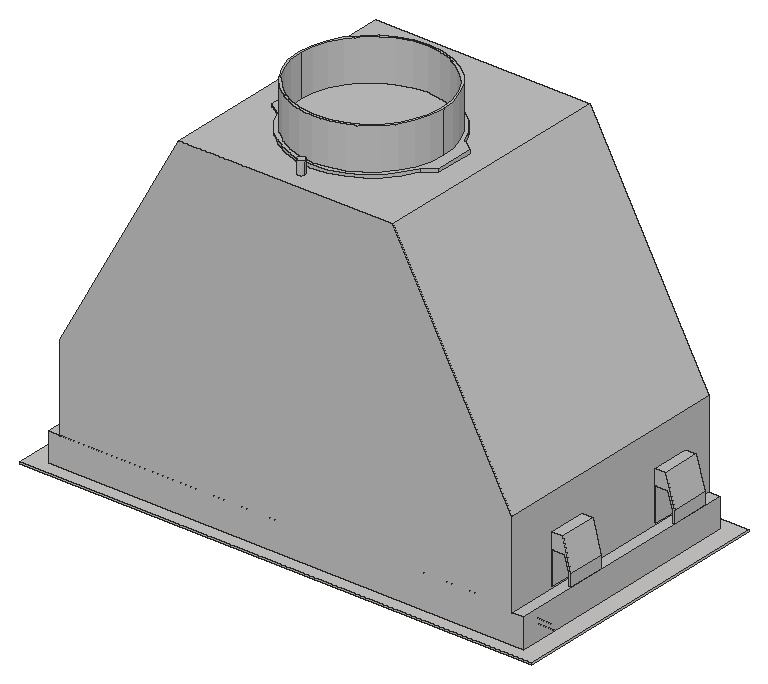
Revit family "FP_Revit_18_HP60IHCB3_Rangehood_90000959A", category Specialty Equipment, Revit 2018
Family settings
  Round Connector Dimension = Use Diameter
  Part Type = Normal
  OmniClass Number = 23.40.40.00
  OmniClass Title = Food Service Equipment and Furnishings
  Work Plane-Based = No
  Always vertical = Yes
  Cut with Voids When Loaded = Yes
  Shared = No
  Room Calculation Point = No
Parameters
  Visibility - Clearance Required = yes
  URL = "www.fisherpaykel.com"
  Product - Width = 530 mm  # constant formula
  Product - Height = 395 mm  # constant formula
  Product - Depth = 280 mm  # constant formula
  Model = "HP60IHCB3"
  Material - Trim = Fisher & Paykel - Stainless Steel
  Material - Glass = Fisher & Paykel - Glass, Black
  Material - Diffuser = Fisher & Paykel - White Bezel
  Material - Body = Fisher & Paykel - Grey
  Manufacturer = "Fisher & Paykel Appliances"
  Keynote = ""
  FFL Offset [instance] = 1550 mm
  Description = "60cm Built-in Integrated Rangehood"
  Connector Description - Extraction = "Use rigid or semi-rigid ducting 150mm diameter, 687m³/hr"
  Connector Description - Electrical = "220-240 V, 50Hz, 15 A fused electrical supply"
  Chassis - Width = 492 mm  # constant formula
  Chassis - Height = 350 mm  # constant formula
  Chassis - Depth = 255 mm  # constant formula
  Cavity - Width = 500 mm  # constant formula
  Cavity - Height = 400 mm  # constant formula
  Cavity - Depth = 260 mm  # constant formula
Reference planes
  plane 1 "Center (Front/Back)": y = 0
  plane 2: z = 0
  plane 3 "Center (Left/Right)": x = 0
  plane 4 "Product - LHS": x = -265
  plane 5 "Product - RHS": x = 265
  plane 6 "Product - Rear": y = 140
  plane 7 "Cavity - Rear": y = 130
  plane 8 "Chassis - LHS": x = -246
  plane 9 "Chassis - RHS": x = 246
  plane 10 "Product - Front": y = -140
  plane 11 "Cavity - Front": y = -130
  plane 12 "Chassis - Rear": y = 127.5
  plane 13 "Chassis - Front": y = -127.5
  plane 14 "Cavity - RHS": x = 250
  plane 15 "Cavity - LHS": x = -250
  plane 16 "FFL Offset": z = 1550
  plane 17 "Frame": z = 1548
Forms (mm)
  Extrusion 1, solid, material "Fisher & Paykel - Grey" <- "Material - Body"
    sketch origin (0, -130, 0) x (-1, 0, 0) y (0, 0, 1)
      loop
        line (-234, 1580) -> (-246, 1580) -> (-246, 1550) -> (246, 1550) -> (246, 1580) -> (234, 1580) -> (234, 1669) -> (110.5, 1897) -> (-110.5, 1897) -> (-234, 1669) -> (-234, 1580)
    from 2.5 to 257.5
  Extrusion 2, void
    sketch origin (0, 0, 0) x (0, 1, 0) y (0, 0, 1)
      loop
        line (-125, 1548) -> (-87.449, 1548) -> (-87.449, 1550) -> (-85.042, 1553.195) -> (-110.289, 1572.22) -> (-112.696, 1569.025) -> (-125, 1564.054) -> (-125, 1548)
      loop
        line (-67, 1548) -> (125, 1548) -> (125, 1568) -> (117, 1568) -> (117, 1578) -> (-67, 1578) -> (-67, 1548)
    from -245 to 245
  Extrusion 3, solid, material "Fisher & Paykel - Stainless Steel" <- "Material - Trim"
    sketch origin (0, 0, 0) x (1, 0, 0) y (0, 1, 0)
      loop
        line (-265, -140) -> (265, -140) -> (265, 140) -> (-265, 140) -> (-265, -140)
      loop
        line (-245, -125.5) -> (245, -125.5) -> (245, -87) -> (-245, -87) -> (-245, -125.5)
      loop
        line (-245, -67) -> (245, -67) -> (245, 125) -> (-245, 125) -> (-245, -67)
    from 1548 to 1550
  Extrusion 4, solid, material "Fisher & Paykel - Glass, Black" <- "Material - Glass", detail levels fine
    sketch origin (0, 0, 0) x (1, 0, 0) y (0, 1, 0)
      loop
        line (-227, -50.05) -> (227, -50.05) -> (227, 106.95) -> (-227, 106.95) -> (-227, -50.05)
      loop
        line (-43.42, -40.05) -> (43.42, -40.05) -> (43.42, 97.45) -> (-43.42, 97.45) -> (-43.42, -40.05)
    from 1548 to 1551
  Extrusion 5, solid, material "Fisher & Paykel - Grey" <- "Material - Body", detail levels medium+fine
    sketch origin (0, 0, 550) x (1, 0, 0) y (0, 0, 1)
      loop
        line (248.5, 1067) -> (253, 1051) -> (253, 1039) -> (255, 1039) -> (255, 1051) -> (246, 1083) -> (234, 1083) -> (234, 1033) -> (236, 1033) -> (236, 1067) -> (248.5, 1067)
      loop
        line (-248.5, 1067) -> (-236, 1067) -> (-236, 1033) -> (-234, 1033) -> (-234, 1083) -> (-246, 1083) -> (-255, 1051) -> (-255, 1039) -> (-253, 1039) -> (-253, 1051) -> (-248.5, 1067)
    from 38 to 77
  Extrusion 6, solid, material "Fisher & Paykel - Grey"
    sketch origin (0, 0, 0) x (1, 0, 0) y (0, 1, 0)
      loop
        circle (0, -17) r 75
      loop
        circle (0, -17) r 73
    from 1900 to 1943
  Extrusion 7, solid, material "Fisher & Paykel - Grey" <- "Material - Body", detail levels fine
    sketch origin (0, 0, -1) x (1, 0, 0) y (0, 1, 0)
      loop
        line (-86.5, 3) -> (-86.5, -37) -> (-73.484, -46)
        arc (-73.484, -46) -> (0, -96) -> (73.484, -46) r 79
        line (73.484, -46) -> (86.5, -37) -> (86.5, 3) -> (73.484, 12)
        arc (73.484, 12) -> (0, 62) -> (-73.484, 12) r 79
        line (-73.484, 12) -> (-86.5, 3)
    from 1898 to 1901
  Extrusion 8, solid, material "Fisher & Paykel - Grey" <- "Material - Body", detail levels fine
    sketch origin (0, 0, 0) x (1, 0, 0) y (0, 1, 0)
      loop
        circle (0, -107.5) r 4
    from 1897 to 1910
  Extrusion 9, solid, material "Fisher & Paykel - Glass, Black" <- "Material - Glass", detail levels fine
    sketch origin (0, 0, 1550) x (0, 1, 0) y (0, 0, 1)
      loop
        line (-87.449, 0) -> (-85.042, 3.195) -> (-110.289, 22.22) -> (-112.696, 19.025) -> (-87.449, 0)
    from -245 to 245
  Extrusion 10, solid, material "Fisher & Paykel - White Bezel" <- "Material - Diffuser", detail levels fine
    sketch origin (0, 0, 0) x (1, 0, 0) y (0, 1, 0)
      loop
        line (-43.42, 97.45) -> (-43.42, -40.05) -> (43.42, -40.05) -> (43.42, 97.45) -> (-43.42, 97.45)
    from 1548 to 1551
  Extrusion 11, solid, material "Fisher & Paykel - Clearance Required", visible <- "Visibility - Clearance Required", detail levels coarse
    sketch origin (0, 0, 0) x (1, 0, 0) y (0, 1, 0)
      loop
        line (-250, 130) -> (-250, -130) -> (250, -130) -> (250, 130) -> (-250, 130)
    from 1550 to 1950
  Extrusion 12, solid, material "Fisher & Paykel - Clearance Required", visible <- "Visibility - Clearance Required", detail levels coarse
    sketch origin (0, 0, 0) x (1, 0, 0) y (0, 1, 0)
      loop
        circle (0, -17) r 80
    from 1950 to 2000
  Extrusion 13, solid, material "Fisher & Paykel - Grey" <- "Material - Body", detail levels medium+fine
    sketch origin (0, 0, 550) x (1, 0, 0) y (0, 0, -1)
      loop
        line (248.5, -1067) -> (236, -1067) -> (236, -1033) -> (234, -1033) -> (234, -1083) -> (246, -1083) -> (255, -1051) -> (255, -1039) -> (253, -1039) -> (253, -1051) -> (248.5, -1067)
      loop
        line (-248.5, -1067) -> (-253, -1051) -> (-253, -1039) -> (-255, -1039) -> (-255, -1051) -> (-246, -1083) -> (-234, -1083) -> (-234, -1033) -> (-236, -1033) -> (-236, -1067) -> (-248.5, -1067)
    from 57 to 96
  Extrusion 14, solid, material "Fisher & Paykel - Grey" <- "Material - Body", not visible, detail levels medium+fine
    sketch origin (0, 0, 0) x (1, 0, 0) y (0, 0, 1)
      loop
        line (248.5, 1067) -> (253, 1051) -> (253, 1039) -> (255, 1039) -> (255, 1051) -> (246, 1083) -> (234, 1083) -> (234, 1033) -> (236, 1033) -> (236, 1067) -> (248.5, 1067)
      loop
        line (-248.5, 1067) -> (-236, 1067) -> (-236, 1033) -> (-234, 1033) -> (-234, 1083) -> (-246, 1083) -> (-255, 1051) -> (-255, 1039) -> (-253, 1039) -> (-253, 1051) -> (-248.5, 1067)
    from 38 to 77
  Extrusion 15, solid, material "Fisher & Paykel - Glass, Black" <- "Material - Glass", not visible, detail levels fine
    sketch origin (0, 0, 1000) x (0, 1, 0) y (0, 0, 1)
      loop
        line (-87.449, 0) -> (-85.042, 3.195) -> (-110.289, 22.22) -> (-112.696, 19.025) -> (-87.449, 0)
    from -245 to 245
  Extrusion 16, solid, material "Fisher & Paykel - Grey" <- "Material - Body", not visible, detail levels medium+fine
    sketch origin (0, 0, 0) x (1, 0, 0) y (0, 0, -1)
      loop
        line (248.5, -1067) -> (236, -1067) -> (236, -1033) -> (234, -1033) -> (234, -1083) -> (246, -1083) -> (255, -1051) -> (255, -1039) -> (253, -1039) -> (253, -1051) -> (248.5, -1067)
      loop
        line (-248.5, -1067) -> (-253, -1051) -> (-253, -1039) -> (-255, -1039) -> (-255, -1051) -> (-246, -1083) -> (-234, -1083) -> (-234, -1033) -> (-236, -1033) -> (-236, -1067) -> (-248.5, -1067)
    from 57 to 96
  Extrusion 17, void
    sketch origin (0, 0, 0) x (1, 0, 0) y (0, 1, 0)
      loop
        line (-250, 130) -> (-250, -130) -> (250, -130) -> (250, 130) -> (-250, 130)
    from 1550 to 1950
  Extrusion 18, void
    sketch origin (0, 0, 0) x (1, 0, 0) y (0, 1, 0)
      loop
        circle (0, -17) r 80
    from 1950 to 2000
Cuts and joins
  Extrusion 2 cuts Extrusion 1
Text (mm)
  text "Due to ongoing product development, product details are subject to change without notice. \nPlease always refer to www.fisherpaykel.com for the most current product information. \n© Fisher & Paykel 2020" at (41.04, -1044.323, 0), in view "Ref. Level (Plan)"
Dimensions and locks
  equal spacing: plane 4 "Product - LHS", plane 3 "Center (Left/Right)", plane 5 "Product - RHS"
  equal spacing: plane 8 "Chassis - LHS", plane 3 "Center (Left/Right)", plane 9 "Chassis - RHS"
  "Chassis - Width": plane 8 "Chassis - LHS" to plane 9 "Chassis - RHS"
  equal spacing: plane 11 "Cavity - Front", plane 1 "Center (Front/Back)", plane 7 "Cavity - Rear"
  equal spacing: plane 12 "Chassis - Rear", plane 1 "Center (Front/Back)", plane 13 "Chassis - Front"
  equal spacing: plane 6 "Product - Rear", plane 1 "Center (Front/Back)", plane 10 "Product - Front"
  "Cavity - Depth": plane 11 "Cavity - Front" to plane 7 "Cavity - Rear"
  "Product - Depth": plane 6 "Product - Rear" to plane 10 "Product - Front"
  "Product - Width": plane 4 "Product - LHS" to plane 5 "Product - RHS"
  "Chassis - Depth": plane 12 "Chassis - Rear" to plane 13 "Chassis - Front"
  equal spacing: plane 15 "Cavity - LHS", plane 3 "Center (Left/Right)", plane 14 "Cavity - RHS"
  plane 15 "Cavity - LHS" to plane 14 "Cavity - RHS" = 500 mm
  "Cavity - Width": plane 15 "Cavity - LHS" to plane 14 "Cavity - RHS"
  "FFL Offset": plane 16 "FFL Offset" to level
  locked: cut or joined group of Extrusion 1, Extrusion 2 to plane 16 "FFL Offset" at 347
  "Chassis - Height": Extrusion 7 to plane 16 "FFL Offset"
  locked: Extrusion 8 to plane 16 "FFL Offset" at 360
  locked: Extrusion 6 to plane 16 "FFL Offset" at 393
  locked: plane 16 "FFL Offset" to plane 17 "Frame" at 2
  locked: Extrusion 2 sketch curve to plane 16 "FFL Offset" at 22.22
  locked: cut or joined group of Extrusion 1, Extrusion 2 to plane 16 "FFL Offset" at 28
  locked: Extrusion 4 to plane 17 "Frame" at 3
  locked: Extrusion 5 to plane 16 "FFL Offset" at 83
  "Cavity - Height": Extrusion 11 to plane 16 "FFL Offset"
  locked: Extrusion 12 to Extrusion 11 at 50
  "Product - Height": Extrusion 6 to plane 17 "Frame"
  locked: Extrusion 1 sketch curve to plane 16 "FFL Offset" at 119
  locked: cut or joined group of Extrusion 1, Extrusion 2 to plane 16 "FFL Offset" at 30  (x2)
  Extrusion 1 sketch curve to plane 16 "FFL Offset" = 119 mm
  locked: Extrusion 2 sketch curve to plane 16 "FFL Offset" at 14.054
  locked: Extrusion 2 sketch curve to plane 16 "FFL Offset" at 3.195
  locked: Extrusion 18 to Extrusion 17 at 50
  aligned and locked: level to plane 2
  aligned and locked: plane 12 "Chassis - Rear" to Extrusion 1
  aligned and locked: Extrusion 1 to plane 13 "Chassis - Front"
  aligned and locked: plane 7 "Cavity - Rear" to Extrusion 11 sketch curve
  aligned and locked: Extrusion 11 sketch curve to plane 15 "Cavity - LHS"
  aligned and locked: plane 11 "Cavity - Front" to Extrusion 11 sketch curve
  aligned and locked: Extrusion 11 sketch curve to plane 14 "Cavity - RHS"
  aligned and locked: Extrusion 1 sketch curve to plane 16 "FFL Offset"
  aligned and locked: Extrusion 8 to cut or joined group of Extrusion 1, Extrusion 2
  aligned and locked: Extrusion 7 to cut or joined group of Extrusion 1, Extrusion 2
  aligned and locked: Extrusion 6 to Extrusion 7
  aligned and locked: Extrusion 3 to cut or joined group of Extrusion 1, Extrusion 2
  aligned and locked: Extrusion 3 to plane 17 "Frame"
  aligned and locked: Extrusion 3 to Extrusion 2  (x2)
  aligned and locked: Extrusion 3 to Extrusion 4
  aligned and locked: Extrusion 3 to Extrusion 10
  aligned and locked: Extrusion 4 to Extrusion 10
  aligned and locked: Extrusion 11 to cut or joined group of Extrusion 1, Extrusion 2
  aligned and locked: Extrusion 12 to Extrusion 11
  aligned and locked: Extrusion 18 to Extrusion 17
  aligned and locked: Extrusion 17 to cut or joined group of Extrusion 1, Extrusion 2
  aligned and locked: Extrusion 17 to Extrusion 11
  aligned and locked: Extrusion 18 to Extrusion 11
  aligned and locked: Extrusion 18 to Extrusion 12
Automatic sketch dimensions
  Extrusion 5 sketch curve to Extrusion 5 sketch curve = 2 mm  (x4)
  Extrusion 5 sketch curve to Extrusion 5 sketch curve = 6 mm  (x2)
  Extrusion 5 sketch curve to Extrusion 5 sketch curve = 12 mm  (x3)
  Extrusion 5 sketch curve to Extrusion 5 sketch curve = 0 mm  (x3)
  Extrusion 5 sketch curve to Extrusion 5 sketch curve = 16 mm  (x4)
  Extrusion 9 sketch curve to Extrusion 9 sketch curve = 2.407 mm
  Extrusion 9 sketch curve to Extrusion 9 sketch curve = 25.247 mm
  Extrusion 13 sketch curve to Extrusion 13 sketch curve = 2 mm  (x4)
  Extrusion 13 sketch curve to Extrusion 13 sketch curve = 16 mm  (x4)
  Extrusion 13 sketch curve to Extrusion 13 sketch curve = 0 mm  (x3)
  Extrusion 13 sketch curve to Extrusion 13 sketch curve = 12 mm  (x3)
  Extrusion 13 sketch curve to Extrusion 13 sketch curve = 6 mm  (x2)
  Extrusion 5 sketch curve to Extrusion 5 sketch curve = 4.5 mm
  Extrusion 5 sketch curve to Extrusion 5 sketch curve = 2.5 mm
  Extrusion 5 sketch curve to Extrusion 5 sketch curve = 17 mm  (x2)
  Extrusion 5 sketch curve to Extrusion 5 sketch curve = 468 mm
  Extrusion 5 sketch curve to Extrusion 5 sketch curve = 12.5 mm
  Extrusion 9 sketch curve to Extrusion 9 sketch curve = 3.195 mm
  Extrusion 13 sketch curve to Extrusion 13 sketch curve = 4.5 mm
  Extrusion 13 sketch curve to Extrusion 13 sketch curve = 2.5 mm
  Extrusion 13 sketch curve to Extrusion 13 sketch curve = 17 mm  (x2)
  Extrusion 13 sketch curve to Extrusion 13 sketch curve = 468 mm
  Extrusion 13 sketch curve to Extrusion 13 sketch curve = 12.5 mm
  Extrusion 14 sketch curve to Extrusion 14 sketch curve = 2 mm  (x4)
  Extrusion 14 sketch curve to Extrusion 14 sketch curve = 6 mm  (x2)
  Extrusion 14 sketch curve to Extrusion 14 sketch curve = 12 mm  (x3)
  Extrusion 14 sketch curve to Extrusion 14 sketch curve = 0 mm  (x3)
  Extrusion 14 sketch curve to Extrusion 14 sketch curve = 16 mm  (x4)
  Extrusion 15 sketch curve to Extrusion 15 sketch curve = 2.407 mm
  Extrusion 15 sketch curve to Extrusion 15 sketch curve = 25.247 mm
  Extrusion 16 sketch curve to Extrusion 16 sketch curve = 2 mm  (x4)
  Extrusion 16 sketch curve to Extrusion 16 sketch curve = 16 mm  (x4)
  Extrusion 16 sketch curve to Extrusion 16 sketch curve = 0 mm  (x3)
  Extrusion 16 sketch curve to Extrusion 16 sketch curve = 12 mm  (x3)
  Extrusion 16 sketch curve to Extrusion 16 sketch curve = 6 mm  (x2)
  Extrusion 14 sketch curve to Extrusion 14 sketch curve = 4.5 mm
  Extrusion 14 sketch curve to Extrusion 14 sketch curve = 2.5 mm
  Extrusion 14 sketch curve to Extrusion 14 sketch curve = 17 mm  (x2)
  Extrusion 14 sketch curve to Extrusion 14 sketch curve = 468 mm
  Extrusion 14 sketch curve to Extrusion 14 sketch curve = 12.5 mm
  Extrusion 15 sketch curve to Extrusion 15 sketch curve = 3.195 mm
  Extrusion 16 sketch curve to Extrusion 16 sketch curve = 4.5 mm
  Extrusion 16 sketch curve to Extrusion 16 sketch curve = 2.5 mm
  Extrusion 16 sketch curve to Extrusion 16 sketch curve = 17 mm  (x2)
  Extrusion 16 sketch curve to Extrusion 16 sketch curve = 468 mm
  Extrusion 16 sketch curve to Extrusion 16 sketch curve = 12.5 mm
  Extrusion 1 sketch curve to plane 9 "Chassis - RHS" = 0 mm
  Extrusion 1 sketch curve to plane 9 "Chassis - RHS" = 12 mm
  plane 3 "Center (Left/Right)" to Extrusion 1 sketch curve = 110.5 mm
  Extrusion 1 sketch curve to plane 3 "Center (Left/Right)" = 110.5 mm
  Extrusion 1 sketch curve to plane 8 "Chassis - LHS" = 12 mm
  Extrusion 1 sketch curve to plane 8 "Chassis - LHS" = 0 mm
  Extrusion 1 sketch curve to Extrusion 1 sketch curve = 30 mm
  plane 16 "FFL Offset" to Extrusion 1 sketch curve = 30 mm
  Extrusion 1 sketch curve to Extrusion 1 sketch curve = 228 mm
  Extrusion 2 sketch curve to plane 17 "Frame" = 0 mm  (x2)
  Extrusion 2 sketch curve to plane 16 "FFL Offset" = 0 mm
  plane 13 "Chassis - Front" to Extrusion 2 sketch curve = 2.5 mm
  Extrusion 2 sketch curve to Extrusion 2 sketch curve = 12.304 mm
  Extrusion 2 sketch curve to Extrusion 2 sketch curve = 2.407 mm
  Extrusion 2 sketch curve to Extrusion 2 sketch curve = 25.247 mm
  Extrusion 2 sketch curve to Extrusion 2 sketch curve = 18.042 mm
  Extrusion 2 sketch curve to plane 12 "Chassis - Rear" = 10.5 mm
  Extrusion 2 sketch curve to plane 12 "Chassis - Rear" = 2.5 mm
  plane 16 "FFL Offset" to Extrusion 2 sketch curve = 18 mm
  Extrusion 2 sketch curve to Extrusion 2 sketch curve = 10 mm
  Extrusion 3 sketch curve to plane 4 "Product - LHS" = 0 mm
  Extrusion 3 sketch curve to plane 5 "Product - RHS" = 0 mm
  Extrusion 3 sketch curve to plane 8 "Chassis - LHS" = 1 mm  (x2)
  Extrusion 3 sketch curve to plane 9 "Chassis - RHS" = 1 mm  (x2)
  Extrusion 3 sketch curve to plane 10 "Product - Front" = 0 mm
  plane 13 "Chassis - Front" to Extrusion 3 sketch curve = 2 mm
  Extrusion 3 sketch curve to Extrusion 3 sketch curve = 38.5 mm
  Extrusion 3 sketch curve to Extrusion 3 sketch curve = 20 mm
  Extrusion 3 sketch curve to plane 12 "Chassis - Rear" = 2.5 mm
  plane 6 "Product - Rear" to Extrusion 3 sketch curve = 0 mm
  Extrusion 4 sketch curve to plane 8 "Chassis - LHS" = 19 mm
  Extrusion 4 sketch curve to plane 3 "Center (Left/Right)" = 43.42 mm
  plane 3 "Center (Left/Right)" to Extrusion 4 sketch curve = 43.42 mm
  Extrusion 4 sketch curve to plane 9 "Chassis - RHS" = 19 mm
  plane 1 "Center (Front/Back)" to Extrusion 4 sketch curve = 50.05 mm
  plane 1 "Center (Front/Back)" to Extrusion 4 sketch curve = 40.05 mm
  Extrusion 4 sketch curve to plane 12 "Chassis - Rear" = 30.05 mm
  Extrusion 4 sketch curve to plane 12 "Chassis - Rear" = 20.55 mm
  Extrusion 6 sketch curve to Extrusion 6 sketch curve = 0 mm  (x2)
  Extrusion 6 sketch curve to plane 3 "Center (Left/Right)" = 0 mm
  plane 1 "Center (Front/Back)" to Extrusion 6 sketch curve = 17 mm
  Extrusion 7 sketch curve to Extrusion 7 sketch curve = 0 mm  (x3)
  Extrusion 7 sketch curve to plane 3 "Center (Left/Right)" = 0 mm
  plane 1 "Center (Front/Back)" to Extrusion 7 sketch curve = 46 mm  (x2)
  Extrusion 7 sketch curve to plane 3 "Center (Left/Right)" = 73.484 mm
  Extrusion 7 sketch curve to plane 1 "Center (Front/Back)" = 3 mm  (x2)
  Extrusion 7 sketch curve to Extrusion 7 sketch curve = 13.016 mm  (x2)
  Extrusion 7 sketch curve to plane 1 "Center (Front/Back)" = 12 mm  (x3)
  Extrusion 7 sketch curve to Extrusion 7 sketch curve = 9 mm  (x2)
  plane 1 "Center (Front/Back)" to Extrusion 7 sketch curve = 17 mm
  Extrusion 8 sketch curve to plane 3 "Center (Left/Right)" = 0 mm
  plane 13 "Chassis - Front" to Extrusion 8 sketch curve = 20 mm
  Extrusion 10 sketch curve to plane 3 "Center (Left/Right)" = 43.42 mm
  plane 3 "Center (Left/Right)" to Extrusion 10 sketch curve = 43.42 mm
  plane 1 "Center (Front/Back)" to Extrusion 10 sketch curve = 40.05 mm
  Extrusion 10 sketch curve to plane 12 "Chassis - Rear" = 30.05 mm
  Extrusion 12 sketch curve to plane 3 "Center (Left/Right)" = 0 mm
  plane 1 "Center (Front/Back)" to Extrusion 12 sketch curve = 17 mm
  Extrusion 17 sketch curve to plane 11 "Cavity - Front" = 0 mm
  Extrusion 17 sketch curve to plane 15 "Cavity - LHS" = 0 mm
  Extrusion 17 sketch curve to plane 14 "Cavity - RHS" = 0 mm
  plane 7 "Cavity - Rear" to Extrusion 17 sketch curve = 0 mm
  Extrusion 18 sketch curve to plane 3 "Center (Left/Right)" = 0 mm
  plane 1 "Center (Front/Back)" to Extrusion 18 sketch curve = 17 mm
  radius of Extrusion 6 sketch curve = 75 mm
  radius of Extrusion 6 sketch curve = 73 mm
  radius of Extrusion 8 sketch curve = 4 mm
  radius of Extrusion 12 sketch curve = 80 mm
  radius of Extrusion 18 sketch curve = 80 mm
Connectors
  electrical at (0, -107.5, 1910), driven by "Connector Description - Electrical"
    settings: on Extrusion 8, index 1, voltage 230 V, apparent load 0 VA, apparent load phase1 0 VA, apparent load phase2 0 VA, apparent load phase3 0 VA, power factor 1, load classification "Other", number of poles 1, system type 30, power factor state 1, is connector primary yes, connector utility no, sub classification motor no, connector description "220-240 V, 50Hz, 15 A fused electrical supply"
  hvac at (0, -17, 1943), driven by "Connector Description - Extraction"
    settings: on Extrusion 6, index 2, duct flow 0.0 L/s, flow factor 0, pres drop 0.0 Pa, loss coef 0, conn angle 0.00°, conn width 304.8 mm, conn height 304.8 mm, conn diameter 150 mm, duct sys type 4, conn prof type 0, flow config 0, flow direction 2, loss method 0, conn ref index -1, conn util no, is conn primary yes, conn desc "Use rigid or semi-rigid ducting 150mm diameter, 687m³/hr"
